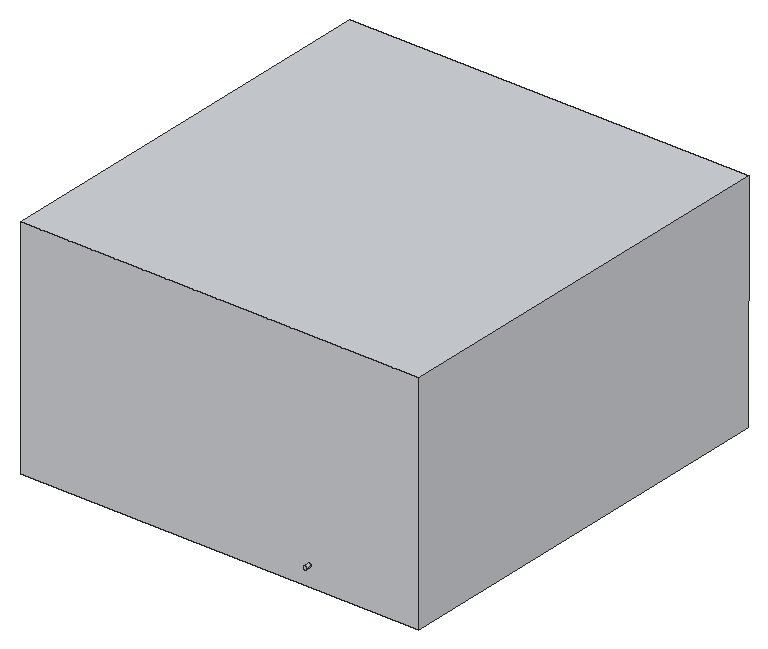
Revit family "03df0fff2bfb41aa91c43555c4ae0842", category Mechanical Equipment, Revit 2021
Family settings
  Round Connector Dimension = Use Radius
  Part Type = Normal
  OmniClass Number = 23.75.10.24.21.27.14
  OmniClass Title = Packaged Rooftop Air Conditioning Units
  Seek Item ID = Rooftop AC Unit - 15-25 Tons - Bottom Return Connection-0000-USA-ENU
  Work Plane-Based = No
  Always vertical = Yes
  Cut with Voids When Loaded = No
  Shared = No
  Room Calculation Point = No
Parameters (values of type "25 Ton")
  Voltage [instance] = 460 V  # constant formula
  SupplyX = 1' - 8"
  UnitWidth = 6' - 11 1/2"
  UnitHeight = 3' - 11 1/4"
  UnitDepth = 7' - 2 1/8"
  SupplyYOffset = 0' - 10 13/16"
  SupplyXOffset = 3' - 0 13/16"
  ReturnYOffset = 0' - 5 15/16"
  ReturnXOffset = 0' - 3 15/16"
  Supply/Return Symbols [instance] = yes
  PartShape = "Rectangular Duct"
  Number of Poles [instance] = 3
  Min Flow = 7000
  Max Flow = 11250
  SupplyY = 5' - 8"
  ReturnX = 1' - 5"
  ReturnY = 5' - 9"
  Model = ""
  Load Classification = Cooling
  External Static Pressure [instance] = 1.20 in-wg
  Drain Radius = 3/8"
  Drain Flow [instance] = 0 GPM
  Default Elevation = 0' - 0"
  Assembly Code = ""
  Apparent Load [instance] = 28000 VA
  AirFlow - Supply [instance] = 9125 CFM
  AirFlow - Return [instance] = 9125 CFM
Types (4): name | UnitHeight | Min Flow | Max Flow | External Static Pressure | Apparent Load | AirFlow - Supply | AirFlow - Return
  15 Ton | 3' - 9" | 4500 | 7500 | 1.40 in-wg | 18000 VA | 6000 CFM | 6000 CFM
  18 Ton | 3' - 9" | 5400 | 9000 | 0.40 in-wg | 20000 VA | 7200 CFM | 7200 CFM
  25 Ton | 3' - 11 1/4" | 7000 | 11250 | 1.20 in-wg | 28000 VA | 9125 CFM | 9125 CFM
  20 Ton | 3' - 11 1/4" | 6000 | 10000 | 1.80 in-wg | 27000 VA | 8000 CFM | 8000 CFM
Reference planes (in)
  plane 1 "Center (Front/Back)": y = 0
  plane 2: z = 0
  plane 3 "Center (Left/Right)": x = 0
  plane 4: x = -23
  plane 5: z = 4
  plane 6: y = -1
Forms (in)
  Extrusion 1, solid
    sketch origin (0, 0, 10.81641) x (0, -1, 0) y (1, 0, 0)
      loop
        line (0, 0) -> (-86.125, 0) -> (-86.125, -83.5) -> (0, -83.5) -> (0, 0)
    from -10.81641 to 36.43359
  Extrusion 2, void
    sketch origin (0, 0, 10.81641) x (0, -1, 0) y (1, 0, 0)
      loop
        line (-10.8125, -36.8125) -> (-78.8125, -36.8125) -> (-78.8125, -56.8125) -> (-10.8125, -56.8125) -> (-10.8125, -36.8125)
    from -10.81641 to -9.81641
  Extrusion 3, void
    sketch origin (0, 0, 10.81641) x (0, -1, 0) y (1, 0, 0)
      loop
        line (-80.1875, -20.9375) -> (-11.1875, -20.9375) -> (-11.1875, -3.9375) -> (-80.1875, -3.9375) -> (-80.1875, -20.9375)
    from -10.81641 to -9.81641
  Extrusion 4, solid
    sketch origin (0, 0, 0) x (1, 0, 0) y (0, 0, 1)
      loop
        circle (-23, 4) r 0.375
    from 0 to 1
Cuts and joins
  Extrusion 2, Extrusion 3 cuts Extrusion 1
Lines and regions (in)
  symbolic lines, visible <- "Supply/Return Symbols"
    curve 1: line (-56.8125, 10.8125, 10.81641) -> (-56.8125, 78.8125, 10.81641)
    curve 2: line (-56.8125, 78.8125, 10.81641) -> (-36.8125, 78.8125, 10.81641)
    curve 3: line (-36.8125, 78.8125, 10.81641) -> (-36.8125, 10.8125, 10.81641)
    curve 4: line (-36.8125, 10.8125, 10.81641) -> (-56.8125, 10.8125, 10.81641)
    curve 5: line (-36.8125, 78.8125, 10.81641) -> (-56.8125, 10.8125, 10.81641)
    curve 6: line (-56.8125, 78.8125, 10.81641) -> (-36.8125, 10.8125, 10.81641)
    curve 7: line (-20.9375, 11.1875, 10.81641) -> (-20.9375, 80.1875, 10.81641)
    curve 8: line (-20.9375, 80.1875, 10.81641) -> (-3.9375, 80.1875, 10.81641)
    curve 9: line (-3.9375, 80.1875, 10.81641) -> (-3.9375, 11.1875, 10.81641)
    curve 10: line (-3.9375, 11.1875, 10.81641) -> (-20.9375, 11.1875, 10.81641)
    curve 11: line (-3.9375, 80.1875, 10.81641) -> (-20.9375, 11.1875, 10.81641)
Dimensions and locks (in)
  "UnitWidth": Extrusion 1 sketch curve to plane 3 "Center (Left/Right)"
  "UnitDepth": plane 1 "Center (Front/Back)" to Extrusion 1 sketch curve
  "SupplyYOffset": cut or joined group of Extrusion 1, Extrusion 2, Extrusion 3 to Extrusion 2 sketch curve
  "SupplyY": Extrusion 2 sketch curve to Extrusion 2 sketch curve
  "SupplyXOffset": Extrusion 2 sketch curve to plane 3 "Center (Left/Right)"
  "SupplyX": Extrusion 2 sketch curve to Extrusion 2 sketch curve
  Extrusion 2 to plane 2 = 0' - 1"
  "ReturnXOffset": Extrusion 3 sketch curve to plane 3 "Center (Left/Right)"
  "ReturnX": Extrusion 3 sketch curve to Extrusion 3 sketch curve
  "ReturnYOffset": cut or joined group of Extrusion 1, Extrusion 2, Extrusion 3 to Extrusion 3 sketch curve
  "ReturnY": Extrusion 3 sketch curve to Extrusion 3 sketch curve
  Extrusion 3 to Extrusion 2 = 0' - 1"
  "UnitHeight": cut or joined group of Extrusion 1, Extrusion 2, Extrusion 3 to cut or joined group of Extrusion 1, Extrusion 2, Extrusion 3
  locked: plane 5 to plane 2 at 4
  locked: plane 3 "Center (Left/Right)" to plane 4 at 23
  locked: plane 6 to plane 1 "Center (Front/Back)" at 1
  "Drain Radius": radius of Extrusion 4 sketch curve
  aligned and locked: plane 3 "Center (Left/Right)" to Extrusion 1 sketch curve
  aligned and locked: plane 1 "Center (Front/Back)" to Extrusion 1 sketch curve
  aligned and locked: Extrusion 1 to level
  aligned and locked: Extrusion 2 to level
  aligned and locked: Extrusion 3 to level
  aligned and locked: curve 1 to cut or joined group of Extrusion 1, Extrusion 2, Extrusion 3
  aligned and locked: curve 2 to cut or joined group of Extrusion 1, Extrusion 2, Extrusion 3
  aligned and locked: curve 3 to cut or joined group of Extrusion 1, Extrusion 2, Extrusion 3
  aligned and locked: curve 4 to cut or joined group of Extrusion 1, Extrusion 2, Extrusion 3
  aligned and locked: curve 7 to cut or joined group of Extrusion 1, Extrusion 2, Extrusion 3
  aligned and locked: curve 8 to cut or joined group of Extrusion 1, Extrusion 2, Extrusion 3
  aligned and locked: curve 9 to cut or joined group of Extrusion 1, Extrusion 2, Extrusion 3
  aligned and locked: curve 10 to cut or joined group of Extrusion 1, Extrusion 2, Extrusion 3
  aligned and locked: plane 4 to Extrusion 4 sketch curve
  aligned and locked: plane 5 to Extrusion 4 sketch curve
  aligned and locked: Extrusion 4 to plane 1 "Center (Front/Back)"
  aligned and locked: Extrusion 4 to plane 6
Connectors (in)
  hvac at (-46.8125, 44.8125, 1), driven by "SupplyY", driven by "SupplyX", driven by "AirFlow - Supply"
    settings: on cut or joined group of Extrusion 1, Extrusion 2, Extrusion 3, index 0, duct flow 9125 CFM, flow factor 0, pres drop 0.00 in-wg, loss coef 0, conn angle 0.00°, conn width 20", conn height 68", conn diameter 24", duct sys type 1, conn prof type 1, flow config 0, flow direction 2, loss method 0, conn ref index 1, conn util no, is conn primary yes, conn desc ""
  hvac at (-12.4375, 45.6875, 1), driven by "ReturnY", driven by "ReturnX", driven by "AirFlow - Return"
    settings: on cut or joined group of Extrusion 1, Extrusion 2, Extrusion 3, index 1, duct flow 9125 CFM, flow factor 0, pres drop 0.00 in-wg, loss coef 0, conn angle 0.00°, conn width 17", conn height 69", conn diameter 24", duct sys type 2, conn prof type 1, flow config 0, flow direction 1, loss method 0, conn ref index 0, conn util no, is conn primary no, conn desc ""
  electrical at (-41.75, 86.125, 23.625), driven by "Apparent Load", driven by "Voltage", driven by "Number of Poles", driven by "Load Classification"
    settings: on cut or joined group of Extrusion 1, Extrusion 2, Extrusion 3, index 2, voltage 460 V, apparent load 28000 VA, apparent load phase1 0 VA, apparent load phase2 0 VA, apparent load phase3 0 VA, power factor 0.8, load classification "Cooling", number of poles 3, system type 30, power factor state 1, is connector primary yes, connector utility no, sub classification motor no, connector description ""
  piping at (-23, -1, 4), diameter 0.75, driven by "Drain Flow", driven by "Drain Radius"
    settings: on Extrusion 4, index 3, connector inside diameter 3/4", connector length 0' - 0", flow factor 0, pipe flow 0 GPM, pressure drop 0.00 psi, fitting loss kfactor 0, connector angle 0.00°, fixture units 0, engagement length 0' - 0", angle of deflection 0.00°, flow configuration 1, flow direction 2, fitting loss method 0, system type 16, joint type 0, gender type 0, connector reference index -1, connector utility 0, adjustable connector yes, is connector primary yes, connector description ""
